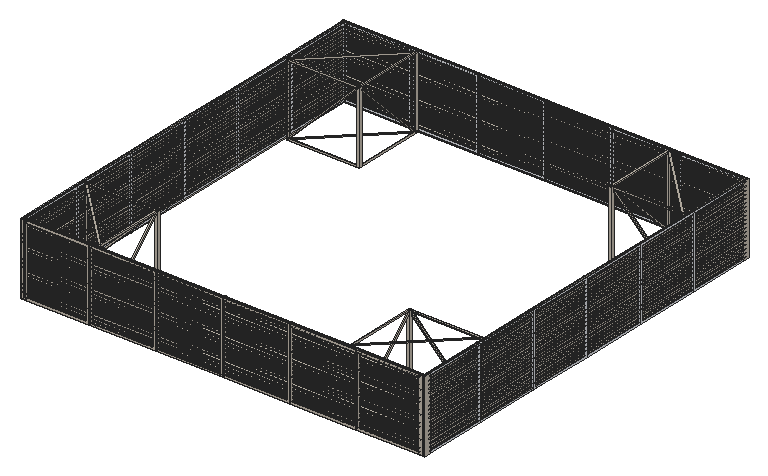
Revit family "Envisor_MechScreen", category Mechanical Equipment, Revit 2020 (continued)
Definition of nested family "Panel"
  Nested families (in)
    nested 83: "LOUVER HORIZONTAL" at (0.625, 0, 34.5) x (-1, 0, 0) z (0, 0, 1), Profile_Height <- "Panel_Length", visible <- "LOUVRE VIZ", type "LOUVER HORIZONTAL"
      with Profile_RibWidth 0' - 0 1/4", Profile_Height 3' - 9", GAUGE 0' - 0 1/32"
    nested 84: "LOUVER HORIZONTAL" at (0.625, 0, 35.25) x (-1, 0, 0) z (0, 0, 1), Profile_Height <- "Panel_Length", visible <- "LOUVRE VIZ", type "LOUVER HORIZONTAL"
      with Profile_RibWidth 0' - 0 1/4", Profile_Height 3' - 9", GAUGE 0' - 0 1/32"
    nested 85: "LOUVER HORIZONTAL" at (0.625, 0, 36) x (-1, 0, 0) z (0, 0, 1), Profile_Height <- "Panel_Length", visible <- "LOUVRE VIZ", type "LOUVER HORIZONTAL"
      with Profile_RibWidth 0' - 0 1/4", Profile_Height 3' - 9", GAUGE 0' - 0 1/32"
    nested 86: "LOUVER HORIZONTAL" at (0.625, 0, 36.75) x (-1, 0, 0) z (0, 0, 1), Profile_Height <- "Panel_Length", visible <- "LOUVRE VIZ", type "LOUVER HORIZONTAL"
      with Profile_RibWidth 0' - 0 1/4", Profile_Height 3' - 9", GAUGE 0' - 0 1/32"
    nested 87: "LOUVER HORIZONTAL" at (0.625, 0, 37.5) x (-1, 0, 0) z (0, 0, 1), Profile_Height <- "Panel_Length", visible <- "LOUVRE VIZ", type "LOUVER HORIZONTAL"
      with Profile_RibWidth 0' - 0 1/4", Profile_Height 3' - 9", GAUGE 0' - 0 1/32"
    nested 88: "LOUVER HORIZONTAL" at (0.625, 0, 38.25) x (-1, 0, 0) z (0, 0, 1), Profile_Height <- "Panel_Length", visible <- "LOUVRE VIZ", type "LOUVER HORIZONTAL"
      with Profile_RibWidth 0' - 0 1/4", Profile_Height 3' - 9", GAUGE 0' - 0 1/32"
    nested 89: "RIB HORIZONTAL ABS" at (0.625, 0, 43.5) x (-1, 0, 0) z (0, 0, 1), visible <- "RIBBED VIZ", Profile_Height <- "Panel_Length", type "RIB HORIZONTAL ABS"
      with Profile_RibWidth 0' - 1 1/2", Profile_Height 3' - 9", GAUGE 0' - 0 1/32"
    nested 90: "RIB HORIZONTAL ABS" at (0.625, 0, 4.83333) x (-1, 0, 0) z (0, 0, 1), visible <- "RIBBED VIZ", Profile_Height <- "Panel_Length", type "RIB HORIZONTAL ABS"
      with Profile_RibWidth 0' - 1 1/2", Profile_Height 3' - 9", GAUGE 0' - 0 1/32"
    nested 91: "RIB HORIZONTAL ABS" at (0.625, 0, 9.66667) x (-1, 0, 0) z (0, 0, 1), visible <- "RIBBED VIZ", Profile_Height <- "Panel_Length", type "RIB HORIZONTAL ABS"
      with Profile_RibWidth 0' - 1 1/2", Profile_Height 3' - 9", GAUGE 0' - 0 1/32"
    nested 92: "RIB HORIZONTAL ABS" at (0.625, 0, 14.5) x (-1, 0, 0) z (0, 0, 1), visible <- "RIBBED VIZ", Profile_Height <- "Panel_Length", type "RIB HORIZONTAL ABS"
      with Profile_RibWidth 0' - 1 1/2", Profile_Height 3' - 9", GAUGE 0' - 0 1/32"
    nested 93: "RIB HORIZONTAL ABS" at (0.625, 0, 19.33333) x (-1, 0, 0) z (0, 0, 1), visible <- "RIBBED VIZ", Profile_Height <- "Panel_Length", type "RIB HORIZONTAL ABS"
      with Profile_RibWidth 0' - 1 1/2", Profile_Height 3' - 9", GAUGE 0' - 0 1/32"
    nested 94: "RIB HORIZONTAL ABS" at (0.625, 0, 24.16667) x (-1, 0, 0) z (0, 0, 1), visible <- "RIBBED VIZ", Profile_Height <- "Panel_Length", type "RIB HORIZONTAL ABS"
      with Profile_RibWidth 0' - 1 1/2", Profile_Height 3' - 9", GAUGE 0' - 0 1/32"
    nested 95: "RIB HORIZONTAL ABS" at (0.625, 0, 29) x (-1, 0, 0) z (0, 0, 1), visible <- "RIBBED VIZ", Profile_Height <- "Panel_Length", type "RIB HORIZONTAL ABS"
      with Profile_RibWidth 0' - 1 1/2", Profile_Height 3' - 9", GAUGE 0' - 0 1/32"
    nested 96: "RIB HORIZONTAL ABS" at (0.625, 0, 33.83333) x (-1, 0, 0) z (0, 0, 1), visible <- "RIBBED VIZ", Profile_Height <- "Panel_Length", type "RIB HORIZONTAL ABS"
      with Profile_RibWidth 0' - 1 1/2", Profile_Height 3' - 9", GAUGE 0' - 0 1/32"
    nested 97: "RIB HORIZONTAL ABS" at (0.625, 0, 38.66667) x (-1, 0, 0) z (0, 0, 1), visible <- "RIBBED VIZ", Profile_Height <- "Panel_Length", type "RIB HORIZONTAL ABS"
      with Profile_RibWidth 0' - 1 1/2", Profile_Height 3' - 9", GAUGE 0' - 0 1/32"
    nested 98: "7.2 RIBBED_HORT" at (0.625, 0, 42.25) x (-1, 0, 0) z (0, 0, 1), Profile_Height <- "Panel_Length", visible <- "7.2 RIBBED VIZ", type "7.2 RIBBED_HORT"
      with Profile_RibWidth 0' - 1 1/2", Profile_Height 3' - 9", GAUGE 0' - 0 1/32"
    nested 99: "7.2 RIBBED_HORT" at (0.625, 0, 5.80556) x (-1, 0, 0) z (0, 0, 1), Profile_Height <- "Panel_Length", visible <- "7.2 RIBBED VIZ", type "7.2 RIBBED_HORT"
      with Profile_RibWidth 0' - 1 1/2", Profile_Height 3' - 9", GAUGE 0' - 0 1/32"
    nested 100: "7.2 RIBBED_HORT" at (0.625, 0, 10.36111) x (-1, 0, 0) z (0, 0, 1), Profile_Height <- "Panel_Length", visible <- "7.2 RIBBED VIZ", type "7.2 RIBBED_HORT"
      with Profile_RibWidth 0' - 1 1/2", Profile_Height 3' - 9", GAUGE 0' - 0 1/32"
    nested 101: "7.2 RIBBED_HORT" at (0.625, 0, 14.91667) x (-1, 0, 0) z (0, 0, 1), Profile_Height <- "Panel_Length", visible <- "7.2 RIBBED VIZ", type "7.2 RIBBED_HORT"
      with Profile_RibWidth 0' - 1 1/2", Profile_Height 3' - 9", GAUGE 0' - 0 1/32"
    nested 102: "7.2 RIBBED_HORT" at (0.625, 0, 19.47222) x (-1, 0, 0) z (0, 0, 1), Profile_Height <- "Panel_Length", visible <- "7.2 RIBBED VIZ", type "7.2 RIBBED_HORT"
      with Profile_RibWidth 0' - 1 1/2", Profile_Height 3' - 9", GAUGE 0' - 0 1/32"
    nested 103: "7.2 RIBBED_HORT" at (0.625, 0, 24.02778) x (-1, 0, 0) z (0, 0, 1), Profile_Height <- "Panel_Length", visible <- "7.2 RIBBED VIZ", type "7.2 RIBBED_HORT"
      with Profile_RibWidth 0' - 1 1/2", Profile_Height 3' - 9", GAUGE 0' - 0 1/32"
    nested 104: "7.2 RIBBED_HORT" at (0.625, 0, 28.58333) x (-1, 0, 0) z (0, 0, 1), Profile_Height <- "Panel_Length", visible <- "7.2 RIBBED VIZ", type "7.2 RIBBED_HORT"
      with Profile_RibWidth 0' - 1 1/2", Profile_Height 3' - 9", GAUGE 0' - 0 1/32"
    nested 105: "7.2 RIBBED_HORT" at (0.625, 0, 33.13889) x (-1, 0, 0) z (0, 0, 1), Profile_Height <- "Panel_Length", visible <- "7.2 RIBBED VIZ", type "7.2 RIBBED_HORT"
      with Profile_RibWidth 0' - 1 1/2", Profile_Height 3' - 9", GAUGE 0' - 0 1/32"
    nested 106: "7.2 RIBBED_HORT" at (0.625, 0, 37.69444) x (-1, 0, 0) z (0, 0, 1), Profile_Height <- "Panel_Length", visible <- "7.2 RIBBED VIZ", type "7.2 RIBBED_HORT"
      with Profile_RibWidth 0' - 1 1/2", Profile_Height 3' - 9", GAUGE 0' - 0 1/32"
    nested 107: "COR HORIZONTAL" at (0.625, 0, 37.70524) x (-1, 0, 0) z (0, 0, 1), Profile_Height <- "Panel_Length", visible <- "7.2 CORRUGATED", type "COR HORIZONTAL"
      with Profile_Height 3' - 9"
    nested 108: "COR HORIZONTAL" at (0.625, 0, 40.21892) x (-1, 0, 0) z (0, 0, 1), Profile_Height <- "Panel_Length", visible <- "7.2 CORRUGATED", type "COR HORIZONTAL"
      with Profile_Height 3' - 9"
    nested 109: "COR HORIZONTAL" at (0.625, 0, 42.73261) x (-1, 0, 0) z (0, 0, 1), Profile_Height <- "Panel_Length", visible <- "7.2 CORRUGATED", type "COR HORIZONTAL"
      with Profile_Height 3' - 9"
    nested 110: "4.0 CORRUGATED" at (0.625, 0, 35.25) x (-1, 0, 0) z (0, 0, 1), visible <- "4.0 CORR HORT", Profile_Height <- "Panel_Length", type "4.0 CORRUGATED"
      with Profile_Height 3' - 9", GAUGE 0' - 0 1/32"
    nested 111: "4.0 CORRUGATED" at (0.625, 0, 37.375) x (-1, 0, 0) z (0, 0, 1), visible <- "4.0 CORR HORT", Profile_Height <- "Panel_Length", type "4.0 CORRUGATED"
      with Profile_Height 3' - 9", GAUGE 0' - 0 1/32"
    nested 112: "4.0 CORRUGATED" at (0.625, 0, 39.5) x (-1, 0, 0) z (0, 0, 1), visible <- "4.0 CORR HORT", Profile_Height <- "Panel_Length", type "4.0 CORRUGATED"
      with Profile_Height 3' - 9", GAUGE 0' - 0 1/32"
    nested 113: "4.0 CORRUGATED" at (0.625, 0, 41.625) x (-1, 0, 0) z (0, 0, 1), visible <- "4.0 CORR HORT", Profile_Height <- "Panel_Length", type "4.0 CORRUGATED"
      with Profile_Height 3' - 9", GAUGE 0' - 0 1/32"
    nested 114: "LOUVER HORIZONTAL" at (0.625, 0, 39) x (-1, 0, 0) z (0, 0, 1), Profile_Height <- "Panel_Length", visible <- "LOUVRE VIZ", type "LOUVER HORIZONTAL"
      with Profile_RibWidth 0' - 0 1/4", Profile_Height 3' - 9", GAUGE 0' - 0 1/32"
    nested 115: "LOUVER HORIZONTAL" at (0.625, 0, 39.75) x (-1, 0, 0) z (0, 0, 1), Profile_Height <- "Panel_Length", visible <- "LOUVRE VIZ", type "LOUVER HORIZONTAL"
      with Profile_RibWidth 0' - 0 1/4", Profile_Height 3' - 9", GAUGE 0' - 0 1/32"
    nested 116: "LOUVER HORIZONTAL" at (0.625, 0, 40.5) x (-1, 0, 0) z (0, 0, 1), Profile_Height <- "Panel_Length", visible <- "LOUVRE VIZ", type "LOUVER HORIZONTAL"
      with Profile_RibWidth 0' - 0 1/4", Profile_Height 3' - 9", GAUGE 0' - 0 1/32"
    nested 117: "LOUVER HORIZONTAL" at (0.625, 0, 41.25) x (-1, 0, 0) z (0, 0, 1), Profile_Height <- "Panel_Length", visible <- "LOUVRE VIZ", type "LOUVER HORIZONTAL"
      with Profile_RibWidth 0' - 0 1/4", Profile_Height 3' - 9", GAUGE 0' - 0 1/32"
    nested 118: "LOUVER HORIZONTAL" at (0.625, 0, 42) x (-1, 0, 0) z (0, 0, 1), Profile_Height <- "Panel_Length", visible <- "LOUVRE VIZ", type "LOUVER HORIZONTAL"
      with Profile_RibWidth 0' - 0 1/4", Profile_Height 3' - 9", GAUGE 0' - 0 1/32"
    nested 119: "LOUVER HORIZONTAL" at (0.625, 0, 42.75) x (-1, 0, 0) z (0, 0, 1), Profile_Height <- "Panel_Length", visible <- "LOUVRE VIZ", type "LOUVER HORIZONTAL"
      with Profile_RibWidth 0' - 0 1/4", Profile_Height 3' - 9", GAUGE 0' - 0 1/32"
    nested 120: "LOUVER HORIZONTAL" at (0.625, 0, 43.5) x (-1, 0, 0) z (0, 0, 1), Profile_Height <- "Panel_Length", visible <- "LOUVRE VIZ", type "LOUVER HORIZONTAL"
      with Profile_RibWidth 0' - 0 1/4", Profile_Height 3' - 9", GAUGE 0' - 0 1/32"
    nested 121: "LOUVER HORIZONTAL" at (0.625, 0, 44.25) x (-1, 0, 0) z (0, 0, 1), Profile_Height <- "Panel_Length", visible <- "LOUVRE VIZ", type "LOUVER HORIZONTAL"
      with Profile_RibWidth 0' - 0 1/4", Profile_Height 3' - 9", GAUGE 0' - 0 1/32"
    nested 122: "LOUVER HORIZONTAL" at (0.625, 0, 45) x (-1, 0, 0) z (0, 0, 1), Profile_Height <- "Panel_Length", visible <- "LOUVRE VIZ", type "LOUVER HORIZONTAL"
      with Profile_RibWidth 0' - 0 1/4", Profile_Height 3' - 9", GAUGE 0' - 0 1/32"
    nested 123: "LOUVER HORIZONTAL" at (0.625, 0, 45.75) x (-1, 0, 0) z (0, 0, 1), Profile_Height <- "Panel_Length", visible <- "LOUVRE VIZ", type "LOUVER HORIZONTAL"
      with Profile_RibWidth 0' - 0 1/4", Profile_Height 3' - 9", GAUGE 0' - 0 1/32"
    nested 124: "LOUVER HORIZONTAL" at (0.625, 0, 46.5) x (-1, 0, 0) z (0, 0, 1), Profile_Height <- "Panel_Length", visible <- "LOUVRE VIZ", type "LOUVER HORIZONTAL"
      with Profile_RibWidth 0' - 0 1/4", Profile_Height 3' - 9", GAUGE 0' - 0 1/32"
    nested 125: "RIBBED_VERTICAL" at (0.125, -22.5, 0) x (-1, 0, 0) z (0, 0, 1), Profile_Height <- "Panel_Height", visible <- "RIBBED VERT VIZ", type "RIB_VERTICAL"
      with Profile_Height 4' - 0"
    nested 126: "RIBBED_VERTICAL" at (0.125, 20.5, 0) x (-1, 0, 0) z (0, 0, 1), Profile_Height <- "Panel_Height", visible <- "RIBBED VERT VIZ", type "RIB_VERTICAL"
      with Profile_Height 4' - 0"
    nested 127: "RIBBED_VERTICAL" at (0.125, -20.45238, 0) x (-1, 0, 0) z (0, 0, 1), Profile_Height <- "Panel_Height", visible <- "RIBBED VERT VIZ", type "RIB_VERTICAL"
      with Profile_Height 4' - 0"
    nested 128: "RIBBED_VERTICAL" at (0.125, -18.40476, 0) x (-1, 0, 0) z (0, 0, 1), Profile_Height <- "Panel_Height", visible <- "RIBBED VERT VIZ", type "RIB_VERTICAL"
      with Profile_Height 4' - 0"
    nested 129: "RIBBED_VERTICAL" at (0.125, -16.35714, 0) x (-1, 0, 0) z (0, 0, 1), Profile_Height <- "Panel_Height", visible <- "RIBBED VERT VIZ", type "RIB_VERTICAL"
      with Profile_Height 4' - 0"
    nested 130: "RIBBED_VERTICAL" at (0.125, -14.30952, 0) x (-1, 0, 0) z (0, 0, 1), Profile_Height <- "Panel_Height", visible <- "RIBBED VERT VIZ", type "RIB_VERTICAL"
      with Profile_Height 4' - 0"
    nested 131: "RIBBED_VERTICAL" at (0.125, -12.2619, 0) x (-1, 0, 0) z (0, 0, 1), Profile_Height <- "Panel_Height", visible <- "RIBBED VERT VIZ", type "RIB_VERTICAL"
      with Profile_Height 4' - 0"
    nested 132: "RIBBED_VERTICAL" at (0.125, -10.21429, 0) x (-1, 0, 0) z (0, 0, 1), Profile_Height <- "Panel_Height", visible <- "RIBBED VERT VIZ", type "RIB_VERTICAL"
      with Profile_Height 4' - 0"
    nested 133: "RIBBED_VERTICAL" at (0.125, -8.16667, 0) x (-1, 0, 0) z (0, 0, 1), Profile_Height <- "Panel_Height", visible <- "RIBBED VERT VIZ", type "RIB_VERTICAL"
      with Profile_Height 4' - 0"
    nested 134: "RIBBED_VERTICAL" at (0.125, -6.11905, 0) x (-1, 0, 0) z (0, 0, 1), Profile_Height <- "Panel_Height", visible <- "RIBBED VERT VIZ", type "RIB_VERTICAL"
      with Profile_Height 4' - 0"
    nested 135: "RIBBED_VERTICAL" at (0.125, -4.07143, 0) x (-1, 0, 0) z (0, 0, 1), Profile_Height <- "Panel_Height", visible <- "RIBBED VERT VIZ", type "RIB_VERTICAL"
      with Profile_Height 4' - 0"
    nested 136: "RIBBED_VERTICAL" at (0.125, -2.02381, 0) x (-1, 0, 0) z (0, 0, 1), Profile_Height <- "Panel_Height", visible <- "RIBBED VERT VIZ", type "RIB_VERTICAL"
      with Profile_Height 4' - 0"
    nested 137: "RIBBED_VERTICAL" at (0.125, 0.02381, 0) x (-1, 0, 0) z (0, 0, 1), Profile_Height <- "Panel_Height", visible <- "RIBBED VERT VIZ", type "RIB_VERTICAL"
      with Profile_Height 4' - 0"
    nested 138: "RIBBED_VERTICAL" at (0.125, 2.07143, 0) x (-1, 0, 0) z (0, 0, 1), Profile_Height <- "Panel_Height", visible <- "RIBBED VERT VIZ", type "RIB_VERTICAL"
      with Profile_Height 4' - 0"
    nested 139: "RIBBED_VERTICAL" at (0.125, 4.11905, 0) x (-1, 0, 0) z (0, 0, 1), Profile_Height <- "Panel_Height", visible <- "RIBBED VERT VIZ", type "RIB_VERTICAL"
      with Profile_Height 4' - 0"
    nested 140: "RIBBED_VERTICAL" at (0.125, 6.16667, 0) x (-1, 0, 0) z (0, 0, 1), Profile_Height <- "Panel_Height", visible <- "RIBBED VERT VIZ", type "RIB_VERTICAL"
      with Profile_Height 4' - 0"
    nested 141: "RIBBED_VERTICAL" at (0.125, 8.21429, 0) x (-1, 0, 0) z (0, 0, 1), Profile_Height <- "Panel_Height", visible <- "RIBBED VERT VIZ", type "RIB_VERTICAL"
      with Profile_Height 4' - 0"
    nested 142: "RIBBED_VERTICAL" at (0.125, 10.2619, 0) x (-1, 0, 0) z (0, 0, 1), Profile_Height <- "Panel_Height", visible <- "RIBBED VERT VIZ", type "RIB_VERTICAL"
      with Profile_Height 4' - 0"
    nested 143: "RIBBED_VERTICAL" at (0.125, 12.30952, 0) x (-1, 0, 0) z (0, 0, 1), Profile_Height <- "Panel_Height", visible <- "RIBBED VERT VIZ", type "RIB_VERTICAL"
      with Profile_Height 4' - 0"
    nested 144: "RIBBED_VERTICAL" at (0.125, 14.35714, 0) x (-1, 0, 0) z (0, 0, 1), Profile_Height <- "Panel_Height", visible <- "RIBBED VERT VIZ", type "RIB_VERTICAL"
      with Profile_Height 4' - 0"
    nested 145: "RIBBED_VERTICAL" at (0.125, 16.40476, 0) x (-1, 0, 0) z (0, 0, 1), Profile_Height <- "Panel_Height", visible <- "RIBBED VERT VIZ", type "RIB_VERTICAL"
      with Profile_Height 4' - 0"
    nested 146: "RIBBED_VERTICAL" at (0.125, 18.45238, 0) x (-1, 0, 0) z (0, 0, 1), Profile_Height <- "Panel_Height", visible <- "RIBBED VERT VIZ", type "RIB_VERTICAL"
      with Profile_Height 4' - 0"
    nested 147: "BATTEN VERTICAL" at (0.125, -22.5, 0) x (-1, 0, 0) z (0, 0, 1), visible <- "BATTEN VIZ", Profile_Height <- "Panel_Height", type "BATTEN VERTICAL"
      with Profile_Height 4' - 0"
    nested 148: "BATTEN VERTICAL" at (0.125, 14.5, 0) x (-1, 0, 0) z (0, 0, 1), visible <- "BATTEN VIZ", Profile_Height <- "Panel_Height", type "BATTEN VERTICAL"
      with Profile_Height 4' - 0"
    nested 149: "BATTEN VERTICAL" at (0.125, -15.1, 0) x (-1, 0, 0) z (0, 0, 1), visible <- "BATTEN VIZ", Profile_Height <- "Panel_Height", type "BATTEN VERTICAL"
      with Profile_Height 4' - 0"
    nested 150: "BATTEN VERTICAL" at (0.125, -7.7, 0) x (-1, 0, 0) z (0, 0, 1), visible <- "BATTEN VIZ", Profile_Height <- "Panel_Height", type "BATTEN VERTICAL"
      with Profile_Height 4' - 0"
    nested 151: "BATTEN VERTICAL" at (0.125, -0.3, 0) x (-1, 0, 0) z (0, 0, 1), visible <- "BATTEN VIZ", Profile_Height <- "Panel_Height", type "BATTEN VERTICAL"
      with Profile_Height 4' - 0"
    nested 152: "BATTEN VERTICAL" at (0.125, 7.1, 0) x (-1, 0, 0) z (0, 0, 1), visible <- "BATTEN VIZ", Profile_Height <- "Panel_Height", type "BATTEN VERTICAL"
      with Profile_Height 4' - 0"
    nested 153: "COR VERTICAL" at (0.625, -17.25, 0) x (-1, 0, 0) z (0, 0, 1), visible <- "7.2 CORR VERT", Profile_Height <- "Panel_Height", type "CORREGATED_VERTICAL"
      with Profile_Height 4' - 0"
    nested 154: "COR VERTICAL" at (0.625, 21.25, 0) x (-1, 0, 0) z (0, 0, 1), visible <- "7.2 CORR VERT", Profile_Height <- "Panel_Height", type "CORREGATED_VERTICAL"
      with Profile_Height 4' - 0"
    nested 155: "COR VERTICAL" at (0.625, -13.4, 0) x (-1, 0, 0) z (0, 0, 1), visible <- "7.2 CORR VERT", Profile_Height <- "Panel_Height", type "CORREGATED_VERTICAL"
      with Profile_Height 4' - 0"
    nested 156: "COR VERTICAL" at (0.625, -9.55, 0) x (-1, 0, 0) z (0, 0, 1), visible <- "7.2 CORR VERT", Profile_Height <- "Panel_Height", type "CORREGATED_VERTICAL"
      with Profile_Height 4' - 0"
    nested 157: "COR VERTICAL" at (0.625, -5.7, 0) x (-1, 0, 0) z (0, 0, 1), visible <- "7.2 CORR VERT", Profile_Height <- "Panel_Height", type "CORREGATED_VERTICAL"
      with Profile_Height 4' - 0"
    nested 158: "COR VERTICAL" at (0.625, -1.85, 0) x (-1, 0, 0) z (0, 0, 1), visible <- "7.2 CORR VERT", Profile_Height <- "Panel_Height", type "CORREGATED_VERTICAL"
      with Profile_Height 4' - 0"
    nested 159: "COR VERTICAL" at (0.625, 2, 0) x (-1, 0, 0) z (0, 0, 1), visible <- "7.2 CORR VERT", Profile_Height <- "Panel_Height", type "CORREGATED_VERTICAL"
      with Profile_Height 4' - 0"
    nested 160: "COR VERTICAL" at (0.625, 5.85, 0) x (-1, 0, 0) z (0, 0, 1), visible <- "7.2 CORR VERT", Profile_Height <- "Panel_Height", type "CORREGATED_VERTICAL"
      with Profile_Height 4' - 0"
    nested 161: "COR VERTICAL" at (0.625, 9.7, 0) x (-1, 0, 0) z (0, 0, 1), visible <- "7.2 CORR VERT", Profile_Height <- "Panel_Height", type "CORREGATED_VERTICAL"
      with Profile_Height 4' - 0"
    nested 162: "COR VERTICAL" at (0.625, 13.55, 0) x (-1, 0, 0) z (0, 0, 1), visible <- "7.2 CORR VERT", Profile_Height <- "Panel_Height", type "CORREGATED_VERTICAL"
      with Profile_Height 4' - 0"
    nested 163: "COR VERTICAL" at (0.625, 17.4, 0) x (-1, 0, 0) z (0, 0, 1), visible <- "7.2 CORR VERT", Profile_Height <- "Panel_Height", type "CORREGATED_VERTICAL"
      with Profile_Height 4' - 0"
    nested 164: "4.0 RIBBED_VERTICAL" at (0.125, -20.99753, 0) x (-1, 0, 0) z (0, 0, 1), Profile_Height <- "Panel_Height", visible <- "4.0 CORR VERT", type "RIB_VERTICAL"
      with Profile_Height 4' - 0"
    nested 165: "4.0 RIBBED_VERTICAL" at (0.125, 22.5, 0) x (-1, 0, 0) z (0, 0, 1), Profile_Height <- "Panel_Height", visible <- "4.0 CORR VERT", type "RIB_VERTICAL"
      with Profile_Height 4' - 0"
    nested 166: "4.0 RIBBED_VERTICAL" at (0.125, -19.49761, 0) x (-1, 0, 0) z (0, 0, 1), Profile_Height <- "Panel_Height", visible <- "4.0 CORR VERT", type "RIB_VERTICAL"
      with Profile_Height 4' - 0"
    nested 167: "4.0 RIBBED_VERTICAL" at (0.125, -17.9977, 0) x (-1, 0, 0) z (0, 0, 1), Profile_Height <- "Panel_Height", visible <- "4.0 CORR VERT", type "RIB_VERTICAL"
      with Profile_Height 4' - 0"
    nested 168: "4.0 RIBBED_VERTICAL" at (0.125, -16.49778, 0) x (-1, 0, 0) z (0, 0, 1), Profile_Height <- "Panel_Height", visible <- "4.0 CORR VERT", type "RIB_VERTICAL"
      with Profile_Height 4' - 0"
    nested 169: "4.0 RIBBED_VERTICAL" at (0.125, -14.99787, 0) x (-1, 0, 0) z (0, 0, 1), Profile_Height <- "Panel_Height", visible <- "4.0 CORR VERT", type "RIB_VERTICAL"
      with Profile_Height 4' - 0"
    nested 170: "4.0 RIBBED_VERTICAL" at (0.125, -13.49795, 0) x (-1, 0, 0) z (0, 0, 1), Profile_Height <- "Panel_Height", visible <- "4.0 CORR VERT", type "RIB_VERTICAL"
      with Profile_Height 4' - 0"
    nested 171: "4.0 RIBBED_VERTICAL" at (0.125, -11.99804, 0) x (-1, 0, 0) z (0, 0, 1), Profile_Height <- "Panel_Height", visible <- "4.0 CORR VERT", type "RIB_VERTICAL"
      with Profile_Height 4' - 0"
    nested 172: "4.0 RIBBED_VERTICAL" at (0.125, -10.49812, 0) x (-1, 0, 0) z (0, 0, 1), Profile_Height <- "Panel_Height", visible <- "4.0 CORR VERT", type "RIB_VERTICAL"
      with Profile_Height 4' - 0"
    nested 173: "4.0 RIBBED_VERTICAL" at (0.125, -8.99821, 0) x (-1, 0, 0) z (0, 0, 1), Profile_Height <- "Panel_Height", visible <- "4.0 CORR VERT", type "RIB_VERTICAL"
      with Profile_Height 4' - 0"
    nested 174: "4.0 RIBBED_VERTICAL" at (0.125, -7.49829, 0) x (-1, 0, 0) z (0, 0, 1), Profile_Height <- "Panel_Height", visible <- "4.0 CORR VERT", type "RIB_VERTICAL"
      with Profile_Height 4' - 0"
    nested 175: "4.0 RIBBED_VERTICAL" at (0.125, -5.99838, 0) x (-1, 0, 0) z (0, 0, 1), Profile_Height <- "Panel_Height", visible <- "4.0 CORR VERT", type "RIB_VERTICAL"
      with Profile_Height 4' - 0"
    nested 176: "4.0 RIBBED_VERTICAL" at (0.125, -4.49846, 0) x (-1, 0, 0) z (0, 0, 1), Profile_Height <- "Panel_Height", visible <- "4.0 CORR VERT", type "RIB_VERTICAL"
      with Profile_Height 4' - 0"
    nested 177: "4.0 RIBBED_VERTICAL" at (0.125, -2.99855, 0) x (-1, 0, 0) z (0, 0, 1), Profile_Height <- "Panel_Height", visible <- "4.0 CORR VERT", type "RIB_VERTICAL"
      with Profile_Height 4' - 0"
    nested 178: "4.0 RIBBED_VERTICAL" at (0.125, -1.49864, 0) x (-1, 0, 0) z (0, 0, 1), Profile_Height <- "Panel_Height", visible <- "4.0 CORR VERT", type "RIB_VERTICAL"
      with Profile_Height 4' - 0"
    nested 179: "4.0 RIBBED_VERTICAL" at (0.125, 0.00128, 0) x (-1, 0, 0) z (0, 0, 1), Profile_Height <- "Panel_Height", visible <- "4.0 CORR VERT", type "RIB_VERTICAL"
      with Profile_Height 4' - 0"
    nested 180: "4.0 RIBBED_VERTICAL" at (0.125, 1.50119, 0) x (-1, 0, 0) z (0, 0, 1), Profile_Height <- "Panel_Height", visible <- "4.0 CORR VERT", type "RIB_VERTICAL"
      with Profile_Height 4' - 0"
    nested 181: "4.0 RIBBED_VERTICAL" at (0.125, 3.00111, 0) x (-1, 0, 0) z (0, 0, 1), Profile_Height <- "Panel_Height", visible <- "4.0 CORR VERT", type "RIB_VERTICAL"
      with Profile_Height 4' - 0"
    nested 182: "4.0 RIBBED_VERTICAL" at (0.125, 4.50102, 0) x (-1, 0, 0) z (0, 0, 1), Profile_Height <- "Panel_Height", visible <- "4.0 CORR VERT", type "RIB_VERTICAL"
      with Profile_Height 4' - 0"
    nested 183: "4.0 RIBBED_VERTICAL" at (0.125, 6.00094, 0) x (-1, 0, 0) z (0, 0, 1), Profile_Height <- "Panel_Height", visible <- "4.0 CORR VERT", type "RIB_VERTICAL"
      with Profile_Height 4' - 0"
    nested 184: "4.0 RIBBED_VERTICAL" at (0.125, 7.50085, 0) x (-1, 0, 0) z (0, 0, 1), Profile_Height <- "Panel_Height", visible <- "4.0 CORR VERT", type "RIB_VERTICAL"
      with Profile_Height 4' - 0"
    nested 185: "4.0 RIBBED_VERTICAL" at (0.125, 9.00077, 0) x (-1, 0, 0) z (0, 0, 1), Profile_Height <- "Panel_Height", visible <- "4.0 CORR VERT", type "RIB_VERTICAL"
      with Profile_Height 4' - 0"
    nested 186: "4.0 RIBBED_VERTICAL" at (0.125, 10.50068, 0) x (-1, 0, 0) z (0, 0, 1), Profile_Height <- "Panel_Height", visible <- "4.0 CORR VERT", type "RIB_VERTICAL"
      with Profile_Height 4' - 0"
    nested 187: "4.0 RIBBED_VERTICAL" at (0.125, 12.0006, 0) x (-1, 0, 0) z (0, 0, 1), Profile_Height <- "Panel_Height", visible <- "4.0 CORR VERT", type "RIB_VERTICAL"
      with Profile_Height 4' - 0"
    nested 188: "4.0 RIBBED_VERTICAL" at (0.125, 13.50051, 0) x (-1, 0, 0) z (0, 0, 1), Profile_Height <- "Panel_Height", visible <- "4.0 CORR VERT", type "RIB_VERTICAL"
      with Profile_Height 4' - 0"
    nested 189: "4.0 RIBBED_VERTICAL" at (0.125, 15.00043, 0) x (-1, 0, 0) z (0, 0, 1), Profile_Height <- "Panel_Height", visible <- "4.0 CORR VERT", type "RIB_VERTICAL"
      with Profile_Height 4' - 0"
    nested 190: "4.0 RIBBED_VERTICAL" at (0.125, 16.50034, 0) x (-1, 0, 0) z (0, 0, 1), Profile_Height <- "Panel_Height", visible <- "4.0 CORR VERT", type "RIB_VERTICAL"
      with Profile_Height 4' - 0"
    nested 191: "4.0 RIBBED_VERTICAL" at (0.125, 18.00026, 0) x (-1, 0, 0) z (0, 0, 1), Profile_Height <- "Panel_Height", visible <- "4.0 CORR VERT", type "RIB_VERTICAL"
      with Profile_Height 4' - 0"
    nested 192: "4.0 RIBBED_VERTICAL" at (0.125, 19.50017, 0) x (-1, 0, 0) z (0, 0, 1), Profile_Height <- "Panel_Height", visible <- "4.0 CORR VERT", type "RIB_VERTICAL"
      with Profile_Height 4' - 0"
    nested 193: "4.0 RIBBED_VERTICAL" at (0.125, 21.00009, 0) x (-1, 0, 0) z (0, 0, 1), Profile_Height <- "Panel_Height", visible <- "4.0 CORR VERT", type "RIB_VERTICAL"
      with Profile_Height 4' - 0"
  Definition of nested family "COR HORIZONTAL"
    Parameters (values of type "COR HORIZONTAL")
      Width = 3' - 7"
      Profile_Width = 0' - 0 1/2"
      Profile_Length = 0' - 2.50371"
      Profile_Height [instance] = 3' - 7"
      MATERIAL = none
      Height = 0' - 2"
      GAUGE = 0' - 0 1/16"
      FinMaterial = none
      Default Elevation = 0' - 0"
    Reference planes (in)
      plane 1 "Center (Front/Back)": y = 0
      plane 2: z = 0
      plane 3 "Center (Left/Right)": x = 0
      plane 4: z = 1
      plane 5: z = 2
      plane 6: z = 0.50371
      plane 7: z = 1.50371
      plane 8: x = 0.5
      plane 9: x = -0.5
      plane 10: x = 0.25
      plane 11: x = -0.25
      plane 12: z = 0.25371
      plane 13: z = 0.75742
      plane 14: z = 1.25371
      plane 15: z = 1.75742
      plane 16: y = 21.5
      plane 17: y = -21.5
      plane 18: z = 2.50371
      plane 19: z = 2.25371
      plane 20: z = 2.75371
    Forms (in)
      Extrusion 1, solid, material <- "MATERIAL"
        sketch origin (-0.4375, 0, -45.25371) x (1, 0, 0) y (0, 0, 1)
          loop
            line (0.9375, 48.00742) -> (0.875, 48.00742) -> (0.875, 47.50742) -> (0.4375, 47.01113) -> (0.4375, 46.25371) -> (0.875, 45.75742) -> (0.875, 45.25371) -> (0.9375, 45.25371) -> (0.9375, 45.75742) -> (0.5, 46.25371) -> (0.5, 47.01113) -> (0.9375, 47.50742) -> (0.9375, 48.00742)
        from -21.5 to 21.5
    Dimensions and locks (in)
      plane 4 to plane 2 = 0' - 1"
      plane 6 to plane 2 = 0' - 0.50371"
      plane 5 to plane 4 to plane 2 = 0' - 1", 0' - 1"
      plane 14 to plane 13 = 0' - 0.49629"
      equal spacing: plane 16, plane 1 "Center (Front/Back)", plane 17
      plane 20 to plane 2 = 0' - 2.75371"
      "Profile_Width": plane 8 to plane 3 "Center (Left/Right)"
      "GAUGE": Extrusion 1 sketch curve to Extrusion 1 sketch curve  (x3)
      Extrusion 1 sketch curve to Extrusion 1 sketch curve = 0' - 0 3/64"
      "Profile_Height": plane 16 to plane 17
      aligned and locked: plane 2 to level
      aligned and locked: plane 17 to Extrusion 1
      aligned and locked: Extrusion 1 to plane 16
      aligned and locked: Extrusion 1 sketch curve to plane 8  (x2)
      aligned and locked: plane 19 to Extrusion 1 sketch curve  (x2)
      aligned and locked: plane 15 to Extrusion 1 sketch curve  (x2)
      aligned and locked: plane 4 to Extrusion 1 sketch curve  (x2)
      aligned and locked: plane 6 to Extrusion 1 sketch curve  (x2)
      aligned and locked: plane 2 to Extrusion 1 sketch curve
      aligned and locked: Extrusion 1 sketch curve to plane 20
  Definition of nested family "7.2 RIBBED_HORT"
    Parameters (values of type "7.2 RIBBED_HORT")
      Width = 4' - 10"
      Profile_Width = 0' - 0 1/2"
      Profile_RibWidth [instance] = 0' - 0 1/4"
      Profile_Length = 0' - 1.50371"
      Profile_Height [instance] = 4' - 10"
      MATERIAL = none
      Height = 3' - 10"
      GAUGE [instance] = 0' - 0 1/32"
      FinMaterial = none
      Default Elevation = 0' - 0"
    Reference planes (in)
      plane 1 "Center (Front/Back)": y = 0
      plane 2: z = 0
      plane 3 "Center (Left/Right)": x = 0
      plane 4: z = 0.5
      plane 5: z = 0.25
      plane 6: z = 0.75
      plane 7: x = 0.5
      plane 8: x = 0.25
      plane 9: x = -0.25
      plane 10: z = 0.75
      plane 11: z = 1.25371
      plane 12: z = 1.75742
      plane 13: y = 29
      plane 14: y = -29
      plane 15: z = 2.00371
    Forms (in)
      Extrusion 1, solid, material <- "MATERIAL"
        sketch origin (-0.4375, 0, -44.75) x (1, 0, 0) y (0, 0, 1)
          loop
            line (0.9375, 45.5) -> (0.90625, 45.5) -> (0.90625, 45.25) -> (0.4375, 45.25) -> (0.4375, 45) -> (0.90625, 45) -> (0.90625, 44.75) -> (0.9375, 44.75) -> (0.9375, 45.03125) -> (0.46875, 45.03125) -> (0.46875, 45.21875) -> (0.9375, 45.21875) -> (0.9375, 45.5)
        from -29 to 29
    Dimensions and locks (in)
      plane 4 to plane 2 = 0' - 0 1/2"
      plane 5 to plane 2 = 0' - 0 1/4"
      equal spacing: plane 13, plane 1 "Center (Front/Back)", plane 14
      "Profile_Height": plane 13 to plane 14
      "Profile_Width": plane 7 to plane 3 "Center (Left/Right)"
      "Profile_RibWidth": plane 4 to plane 5
      equal spacing: plane 6, plane 4, plane 5, plane 2
      equal spacing: plane 7, plane 8, plane 3 "Center (Left/Right)"
      "GAUGE": Extrusion 1 sketch curve to Extrusion 1 sketch curve  (x5)
      aligned and locked: plane 2 to level
      aligned and locked: plane 14 to Extrusion 1
      aligned and locked: Extrusion 1 to plane 13
      aligned and locked: Extrusion 1 sketch curve to plane 3 "Center (Left/Right)"
      aligned and locked: Extrusion 1 sketch curve to plane 7  (x2)
      aligned and locked: Extrusion 1 sketch curve to plane 5
      aligned and locked: plane 4 to Extrusion 1 sketch curve
      aligned and locked: Extrusion 1 sketch curve to plane 6
    Automatic sketch dimensions
      Extrusion 1 sketch curve to level = 0' - 0"
  Definition of nested family "RIB HORIZONTAL ABS"
    Parameters (values of type "RIB HORIZONTAL ABS")
      Width = 4' - 10"
      Profile_Width = 0' - 0 1/2"
      Profile_RibWidth [instance] = 0' - 1 1/2"
      Profile_Length = 0' - 1.50371"
      Profile_Height [instance] = 4' - 10"
      MATERIAL = none
      Height = 3' - 10"
      GAUGE [instance] = 0' - 0 1/32"
      FinMaterial = none
      Default Elevation = 0' - 0"
    Reference planes (in)
      plane 1 "Center (Front/Back)": y = 0
      plane 2: z = 0
      plane 3 "Center (Left/Right)": x = 0
      plane 4: z = 3
      plane 5: z = 1.5
      plane 6: z = 4.5
      plane 7: x = 0.5
      plane 8: x = 0.25
      plane 9: x = -0.25
      plane 10: z = 1.25371
      plane 11: z = 1.75742
      plane 12: y = 29
      plane 13: y = -29
      plane 14: z = 2.00371
    Forms (in)
      Extrusion 1, solid, material <- "MATERIAL"
        sketch origin (-0.4375, 0, -44.75) x (1, 0, 0) y (0, 0, 1)
          loop
            line (0.9375, 49.25) -> (0.90625, 49.25) -> (0.90625, 47.75) -> (0.4375, 47.75) -> (0.4375, 46.25) -> (0.90625, 46.25) -> (0.90625, 44.75) -> (0.9375, 44.75) -> (0.9375, 46.28125) -> (0.46875, 46.28125) -> (0.46875, 47.71875) -> (0.9375, 47.71875) -> (0.9375, 49.25)
        from -29 to 29
    Dimensions and locks (in)
      plane 4 to plane 2 = 0' - 3"
      plane 5 to plane 2 = 0' - 1 1/2"
      equal spacing: plane 12, plane 1 "Center (Front/Back)", plane 13
      "Profile_Height": plane 12 to plane 13
      "Profile_Width": plane 7 to plane 3 "Center (Left/Right)"
      "Profile_RibWidth": plane 4 to plane 5
      equal spacing: plane 7, plane 8, plane 3 "Center (Left/Right)"
      "GAUGE": Extrusion 1 sketch curve to Extrusion 1 sketch curve  (x5)
      "Profile_RibWidth": plane 6 to plane 4
      "Profile_RibWidth": plane 5 to plane 2
      aligned and locked: plane 2 to level
      aligned and locked: plane 13 to Extrusion 1
      aligned and locked: Extrusion 1 to plane 12
      aligned and locked: Extrusion 1 sketch curve to plane 3 "Center (Left/Right)"
      aligned and locked: Extrusion 1 sketch curve to plane 7  (x2)
      aligned and locked: Extrusion 1 sketch curve to plane 5
      aligned and locked: plane 4 to Extrusion 1 sketch curve
      aligned and locked: Extrusion 1 sketch curve to plane 6
    Automatic sketch dimensions
      Extrusion 1 sketch curve to level = 0' - 0"
  Definition of nested family "4.0 CORRUGATED"
    Parameters (values of type "4.0 CORRUGATED")
      Width = 4' - 10"
      Profile_Width = 0' - 0 1/2"
      Profile_RibWidth = 0' - 1"
      Profile_Length = 0' - 1.50371"
      Profile_Height [instance] = 4' - 10"
      MATERIAL = none
      Height = 3' - 10"
      GAUGE [instance] = 0' - 0 1/32"
      FinMaterial = none
      Default Elevation = 0' - 0"
    Reference planes (in)
      plane 1 "Center (Front/Back)": y = 0
      plane 2: z = 0
      plane 3 "Center (Left/Right)": x = 0
      plane 4: z = 2
      plane 5: z = 1
      plane 6: z = 3
      plane 7: x = 0.5
      plane 8: x = 0.25
      plane 9: x = -0.25
      plane 10: z = 0.75
      plane 11: z = 1.25371
      plane 12: z = 1.75742
      plane 13: y = 29
      plane 14: y = -29
      plane 15: z = 2.00371
    Forms (in)
      Extrusion 1, solid, material <- "MATERIAL"
        sketch origin (-0.4375, 0, -44.75) x (1, 0, 0) y (0, 0, 1)
          loop
            line (0.9375, 47.75) -> (0.90625, 47.75) -> (0.90625, 46.75) -> (0.4375, 46.75) -> (0.4375, 45.75) -> (0.90625, 45.75) -> (0.90625, 44.75) -> (0.9375, 44.75) -> (0.9375, 45.78125) -> (0.46875, 45.78125) -> (0.46875, 46.71875) -> (0.9375, 46.71875) -> (0.9375, 47.75)
        from -29 to 29
    Dimensions and locks (in)
      plane 4 to plane 2 = 0' - 2"
      plane 5 to plane 2 = 0' - 1"
      equal spacing: plane 13, plane 1 "Center (Front/Back)", plane 14
      "Profile_Height": plane 13 to plane 14
      "Profile_Width": plane 7 to plane 3 "Center (Left/Right)"
      "Profile_RibWidth": plane 4 to plane 5
      equal spacing: plane 6, plane 4, plane 5, plane 2
      equal spacing: plane 7, plane 8, plane 3 "Center (Left/Right)"
      "GAUGE": Extrusion 1 sketch curve to Extrusion 1 sketch curve  (x5)
      aligned and locked: plane 2 to level
      aligned and locked: plane 14 to Extrusion 1
      aligned and locked: Extrusion 1 to plane 13
      aligned and locked: Extrusion 1 sketch curve to plane 3 "Center (Left/Right)"
      aligned and locked: Extrusion 1 sketch curve to plane 7  (x2)
      aligned and locked: Extrusion 1 sketch curve to plane 5
      aligned and locked: plane 4 to Extrusion 1 sketch curve
      aligned and locked: Extrusion 1 sketch curve to plane 6
    Automatic sketch dimensions
      Extrusion 1 sketch curve to level = 0' - 0"
  Definition of nested family "LOUVER HORIZONTAL"
    Parameters (values of type "LOUVER HORIZONTAL")
      Width = 4' - 10"
      Profile_Width = 0' - 0 1/2"
      Profile_RibWidth [instance] = 0' - 0 1/4"
      Profile_Length [instance] = 0' - 0 3/4"
      Profile_Height [instance] = 4' - 10"
      MATERIAL = none
      Height = 3' - 10"
      GAUGE [instance] = 0' - 0 1/32"
      FinMaterial = none
      Default Elevation = 0' - 0"
    Reference planes (in)
      plane 1 "Center (Front/Back)": y = 0
      plane 2: z = 0
      plane 3 "Center (Left/Right)": x = 0
      plane 4: z = 0.5
      plane 5: z = 0.25
      plane 6: z = 0.75
      plane 7: x = 0.5
      plane 8: x = 0.25
      plane 9: x = -0.25
      plane 10: z = 1.25371
      plane 11: z = 1.75742
      plane 12: y = 29
      plane 13: y = -29
      plane 14: z = 2.00371
    Forms (in)
      Extrusion 1, solid, material <- "MATERIAL"
        sketch origin (-0.4375, 0, -44.75) x (1, 0, 0) y (0, 0, 1)
          loop
            line (0.9375, 45.5) -> (0.90625, 45.5) -> (0.90625, 45.25) -> (0.4375, 45.25) -> (0.4375, 45) -> (0.90625, 45) -> (0.90625, 44.75) -> (0.9375, 44.75) -> (0.9375, 45.03125) -> (0.46875, 45.03125) -> (0.46875, 45.21875) -> (0.9375, 45.21875) -> (0.9375, 45.5)
        from -29 to 29
    Dimensions and locks (in)
      plane 4 to plane 2 = 0' - 0 1/2"
      plane 5 to plane 2 = 0' - 0 1/4"
      equal spacing: plane 12, plane 1 "Center (Front/Back)", plane 13
      "Profile_Height": plane 12 to plane 13
      "Profile_Width": plane 7 to plane 3 "Center (Left/Right)"
      "Profile_RibWidth": plane 4 to plane 5
      equal spacing: plane 6, plane 4, plane 5, plane 2
      equal spacing: plane 7, plane 8, plane 3 "Center (Left/Right)"
      "GAUGE": Extrusion 1 sketch curve to Extrusion 1 sketch curve  (x5)
      "Profile_Length": plane 6 to plane 2
      aligned and locked: plane 2 to level
      aligned and locked: plane 13 to Extrusion 1
      aligned and locked: Extrusion 1 to plane 12
      aligned and locked: Extrusion 1 sketch curve to plane 3 "Center (Left/Right)"
      aligned and locked: Extrusion 1 sketch curve to plane 7  (x2)
      aligned and locked: Extrusion 1 sketch curve to plane 5
      aligned and locked: plane 4 to Extrusion 1 sketch curve
      aligned and locked: Extrusion 1 sketch curve to plane 6
      aligned and locked: plane 6 to Extrusion 1
    Automatic sketch dimensions
      Extrusion 1 sketch curve to level = 0' - 0"
  Definition of nested family "RIBBED_VERTICAL"
    Parameters (values of type "RIB_VERTICAL")
      Width = 4' - 10"
      Profile_Width = 0' - 0 5/16"
      Profile_Length = 0' - 2"
      Profile_Height [instance] = 3' - 10"
      MATERIAL = none
      Height = 3' - 10"
      Gauge = 0' - 0 1/16"
      GAUGE = 0' - 0 1/16"
      FinMaterial = none
      Default Elevation = 0' - 0"
    Reference planes (in)
      plane 1 "Center (Front/Back)": y = 0
      plane 2: z = 0
      plane 3 "Center (Left/Right)": x = 0
      plane 4: z = 1
      plane 5: z = 2
      plane 6: z = 0.50371
      plane 7: z = 1.50371
      plane 8: z = 0.25371
      plane 9: z = 0.75742
      plane 10: z = 1.25371
      plane 11: z = 1.75742
      plane 12: z = 3
      plane 13: z = 46
      plane 14: z = 2.50371
      plane 15: z = 3.50371
      plane 16: z = 2.25371
      plane 17: z = 2.75742
      plane 18: z = 3.25371
      plane 19: z = 3.75742
      plane 20: y = 1.56621
      plane 21: y = 0.44121
      plane 22: y = -0.5
      plane 23: y = -1
      plane 24: y = -1.5
      plane 25: y = -2
      plane 26: x = -0.3125
    Forms (in)
      Extrusion 1, solid, material <- "MATERIAL"
        sketch origin (-0.4375, -45.75, 2) x (1, 0, 0) y (0, 1, 0)
          loop
            line (0.4375, 45.75) -> (0.375, 45.75) -> (0.375, 45.3125) -> (0.125, 45.3125) -> (0.125, 44.1875) -> (0.375, 44.1875) -> (0.375, 43.75) -> (0.4375, 43.75) -> (0.4375, 44.25) -> (0.1875, 44.25) -> (0.1875, 45.25) -> (0.4375, 45.25) -> (0.4375, 45.75)
        from -2 to 44
    Dimensions and locks (in)
      plane 4 to plane 2 = 0' - 1"
      plane 6 to plane 2 = 0' - 0.50371"
      plane 5 to plane 4 to plane 2 = 0' - 1", 0' - 1"
      plane 10 to plane 9 = 0' - 0.49629"
      "Profile_Height": plane 13 to plane 2
      plane 22 to plane 1 "Center (Front/Back)" = 0' - 0 1/2"
      "Profile_Length": plane 25 to plane 1 "Center (Front/Back)"
      "GAUGE": Extrusion 1 sketch curve to Extrusion 1 sketch curve  (x5)
      "Profile_Width": plane 26 to plane 3 "Center (Left/Right)"
      aligned and locked: plane 2 to level
      aligned and locked: plane 13 to Extrusion 1
      aligned and locked: Extrusion 1 to plane 2
      aligned and locked: plane 22 to Extrusion 1 sketch curve
      aligned and locked: Extrusion 1 sketch curve to plane 24
      aligned and locked: plane 1 "Center (Front/Back)" to Extrusion 1 sketch curve
      aligned and locked: plane 25 to Extrusion 1 sketch curve
      aligned and locked: plane 26 to Extrusion 1 sketch curve
    Automatic sketch dimensions
      Extrusion 1 sketch curve to plane 3 "Center (Left/Right)" = 0' - 0"  (x2)
  Definition of nested family "BATTEN VERTICAL"
    Parameters (values of type "BATTEN VERTICAL")
      Width = 4' - 10"
      RIB WIDTH = 0' - 0 1/2"
      Profile_Height [instance] = 3' - 10"
      MATERIAL = none
      Length = 0' - 8"
      Height = 3' - 10"
      Gauge = 0' - 0 1/16"
      GAUGE = 0' - 0 1/16"
      FinMaterial = none
      Default Elevation = 0' - 0"
    Reference planes (in)
      plane 1 "Center (Front/Back)": y = 0
      plane 2: z = 0
      plane 3 "Center (Left/Right)": x = 0
      plane 4: z = 1
      plane 5: z = 2
      plane 6: z = 0.50371
      plane 7: z = 1.50371
      plane 8: z = 0.25371
      plane 9: z = 0.75742
      plane 10: z = 1.25371
      plane 11: z = 1.75742
      plane 12: z = 3
      plane 13: z = 46
      plane 14: z = 2.50371
      plane 15: z = 3.50371
      plane 16: z = 2.25371
      plane 17: z = 2.75742
      plane 18: z = 3.25371
      plane 19: z = 3.75742
      plane 20: y = -0.5
      plane 21: y = -2.5
      plane 22: y = -8
      plane 23: y = -1.5
      plane 24: y = -1
      plane 25: y = -2
      plane 26: y = -1.25
      plane 27: y = -1.75
      plane 28: x = -0.3125
    Forms (in)
      Extrusion 1, solid, material <- "MATERIAL"
        sketch origin (-0.4375, -45.75, 2) x (1, 0, 0) y (0, 1, 0)
          loop
            line (0.4375, 45.6875) -> (0.4375, 45.75) -> (0.125, 45.75) -> (0.125, 45.25) -> (0.375, 45.25) -> (0.375, 37.75) -> (0.4375, 37.75) -> (0.4375, 45.3125) -> (0.1875, 45.3125) -> (0.1875, 45.6875) -> (0.4375, 45.6875)
        from -2 to 44
    Dimensions and locks (in)
      plane 4 to plane 2 = 0' - 1"
      plane 6 to plane 2 = 0' - 0.50371"
      plane 5 to plane 4 to plane 2 = 0' - 1", 0' - 1"
      plane 10 to plane 9 = 0' - 0.49629"
      plane 22 to plane 21 to plane 20 to plane 1 "Center (Front/Back)" = 0' - 5 1/2", 0' - 2", 0' - 0 1/2"
      "Length": plane 22 to plane 1 "Center (Front/Back)"
      plane 20 to plane 24 = 0' - 0 1/2"
      "RIB WIDTH": plane 20 to plane 1 "Center (Front/Back)"
      "GAUGE": Extrusion 1 sketch curve to Extrusion 1 sketch curve  (x4)
      "Profile_Height": plane 13 to plane 2
      aligned and locked: plane 2 to level
      aligned and locked: plane 13 to Extrusion 1
      aligned and locked: Extrusion 1 to plane 2
      aligned and locked: Extrusion 1 sketch curve to plane 20
      aligned and locked: Extrusion 1 sketch curve to plane 1 "Center (Front/Back)"
      aligned and locked: Extrusion 1 sketch curve to plane 3 "Center (Left/Right)"
      aligned and locked: plane 22 to Extrusion 1 sketch curve
      aligned and locked: Extrusion 1 sketch curve to plane 28
    Automatic sketch dimensions
      Extrusion 1 sketch curve to plane 3 "Center (Left/Right)" = 0' - 0"
  Definition of nested family "COR VERTICAL"
    Parameters (values of type "CORREGATED_VERTICAL")
      Width = 4' - 10"
      Profile_Width = 0' - 4"
      Profile_Length = 0' - 0 1/2"
      Profile_Height [instance] = 3' - 10"
      MATERIAL = none
      Height = 3' - 10"
      Gauge = 0' - 0 1/16"
      GAUGE = 0' - 0 1/16"
      Default Elevation = 0' - 0"
    Reference planes (in)
      plane 1 "Center (Front/Back)": y = 0
      plane 2: z = 0
      plane 3 "Center (Left/Right)": x = 0
      plane 4: z = 1
      plane 5: z = 2
      plane 6: z = 0.50371
      plane 7: z = 1.50371
      plane 8: z = 0.25371
      plane 9: z = 0.75742
      plane 10: z = 1.25371
      plane 11: z = 1.75742
      plane 12: z = 3
      plane 13: z = 46
      plane 14: z = 2.50371
      plane 15: z = 3.50371
      plane 16: z = 2.25371
      plane 17: z = 2.75742
      plane 18: z = 3.25371
      plane 19: z = 3.75742
      plane 20: y = 3.5
      plane 21: y = 4
      plane 22: y = 3
      plane 23: y = 2.5
      plane 24: y = 2
      plane 25: y = 1.5
      plane 26: y = 1
      plane 27: y = 0.5
      plane 28: x = 0.5
    Forms (in)
      Extrusion 1, solid, material <- "MATERIAL"
        sketch origin (-2.60641, -45.75, 2) x (1, 0, 0) y (0, 1, 0)
          loop
            line (3.04391, 49.75) -> (3.04391, 49.25) -> (2.60641, 48.25) -> (2.60641, 47.25) -> (3.04391, 46.25) -> (3.04391, 45.75) -> (3.10641, 45.75) -> (3.10641, 46.25) -> (2.66891, 47.25) -> (2.66891, 48.25) -> (3.10641, 49.25) -> (3.10641, 49.75) -> (3.04391, 49.75)
        from -2 to 44
    Dimensions and locks (in)
      plane 4 to plane 2 = 0' - 1"
      plane 6 to plane 2 = 0' - 0.50371"
      plane 5 to plane 4 to plane 2 = 0' - 1", 0' - 1"
      plane 10 to plane 9 = 0' - 0.49629"
      "Profile_Height": plane 13 to plane 2
      plane 21 to plane 20 = 0' - 0 1/2"
      "Profile_Width": plane 21 to plane 1 "Center (Front/Back)"
      "Profile_Length": plane 3 "Center (Left/Right)" to plane 28
      "GAUGE": Extrusion 1 sketch curve to Extrusion 1 sketch curve  (x3)
      Extrusion 1 sketch curve to Extrusion 1 sketch curve = 0' - 0.05726"  (x2)
      aligned and locked: plane 2 to level
      aligned and locked: plane 13 to Extrusion 1
      aligned and locked: Extrusion 1 to plane 2
      aligned and locked: plane 21 to Extrusion 1
      aligned and locked: plane 1 "Center (Front/Back)" to Extrusion 1
      aligned and locked: plane 23 to Extrusion 1 sketch curve  (x2)
      aligned and locked: plane 20 to Extrusion 1 sketch curve  (x2)
      aligned and locked: plane 27 to Extrusion 1 sketch curve  (x2)
      aligned and locked: plane 25 to Extrusion 1 sketch curve  (x2)
    Automatic sketch dimensions
      Extrusion 1 sketch curve to plane 3 "Center (Left/Right)" = 0' - 0"
      plane 1 "Center (Front/Back)" to Extrusion 1 sketch curve = 0' - 0"
      Extrusion 1 sketch curve to plane 21 = 0' - 0"
  Definition of nested family "4.0 RIBBED_VERTICAL"
    Parameters (values of type "RIB_VERTICAL")
      Width = 4' - 10"
      Profile_Height [instance] = 3' - 10"
      MATERIAL = none
      Height = 3' - 10"
      Gauge = 0' - 0 1/16"
      FinMaterial = none
      Default Elevation = 0' - 0"
    Reference planes (in)
      plane 1 "Center (Front/Back)": y = 0
      plane 2: z = 0
      plane 3 "Center (Left/Right)": x = 0
      plane 4: z = 1
      plane 5: z = 2
      plane 6: z = 0.50371
      plane 7: z = 1.50371
      plane 8: z = 0.25371
      plane 9: z = 0.75742
      plane 10: z = 1.25371
      plane 11: z = 1.75742
      plane 12: z = 3
      plane 13: z = 46
      plane 14: z = 2.50371
      plane 15: z = 3.50371
      plane 16: z = 2.25371
      plane 17: z = 2.75742
      plane 18: z = 3.25371
      plane 19: z = 3.75742
      plane 20: y = 1.50371
      plane 21: y = 0.50124
      plane 22: y = 1.00247
      plane 23: y = -1.50371
      plane 24: y = -0.50124
      plane 25: y = -1.00247
      plane 26: y = 2.00371
    Forms (in)
      Extrusion 1, solid, material <- "MATERIAL"
        sketch origin (-0.4375, -46.25124, 2) x (1, 0, 0) y (0, 1, 0)
          loop
            line (0.4375, 47.75371) -> (0.375, 47.75371) -> (0.375, 47.31621) -> (0.125, 47.31621) -> (0.125, 46.75247) -> (0.375, 46.75247) -> (0.375, 46.25124) -> (0.4375, 46.25124) -> (0.4375, 46.81497) -> (0.1875, 46.81497) -> (0.1875, 47.25371) -> (0.4375, 47.25371) -> (0.4375, 47.75371)
        from -2 to 44
    Dimensions and locks (in)
      plane 4 to plane 2 = 0' - 1"
      plane 6 to plane 2 = 0' - 0.50371"
      plane 5 to plane 4 to plane 2 = 0' - 1", 0' - 1"
      plane 10 to plane 9 = 0' - 0.49629"
      "Profile_Height": plane 13 to plane 2
      plane 20 to plane 22 to plane 21 to plane 1 "Center (Front/Back)" = 0' - 0.50124", 0' - 0.50124", 0' - 0.50124"
      plane 23 to plane 25 to plane 24 = 0' - 0.50124", 0' - 0.50124"
      aligned and locked: plane 2 to level
      aligned and locked: plane 13 to Extrusion 1
      aligned and locked: Extrusion 1 to plane 2
    Automatic sketch dimensions
      Extrusion 1 sketch curve to plane 22 = 0' - 0.50124"
      Extrusion 1 sketch curve to plane 20 = 0' - 0.50124"
      Extrusion 1 sketch curve to plane 26 = 0' - 0.50124"
      Extrusion 1 sketch curve to plane 3 "Center (Left/Right)" = 0' - 0"  (x2)
      Extrusion 1 sketch curve to plane 3 "Center (Left/Right)" = 0' - 0 1/16"  (x2)
      Extrusion 1 sketch curve to Extrusion 1 sketch curve = 0' - 0 3/16"
      Extrusion 1 sketch curve to Extrusion 1 sketch curve = 0' - 0 1/16"
      Extrusion 1 sketch curve to plane 22 = 0' - 0.43874"
      Extrusion 1 sketch curve to plane 20 = 0' - 0.43874"
      Extrusion 1 sketch curve to plane 21 = 0' - 0.50124"
Types (16): name | TopRailViz | TopFlashingViz | System_Width | SpacingWidth | SOLID PANEL VIZ | RIBBED VIZ | RIBBED VERT VIZ | MATERIAL | LOUVRE VIZ | FRAME WIDTH | FRAME VIZ | FRAME MATERIAL | BottomRailViz | BATTEN VIZ | ABS_PANEL | 7.2 CORRUGATED | 7.2 CORR VERT | 4.0 CORR VERT | 4.0 CORR HORT
  (no name) | no | no | 22' - 6" | 6 | no | no | no | OYSTER Perforated | no | 0' - 1 1/4" | yes | OYSTER | no | no | no | yes | no | no | no
  4.0 CORRUGATED HORIZONTAL SOLID | yes | yes | 22' - 6" | 6 | no | no | no | SHADOW GREY | no | 0' - 1 1/2" | yes | SHADOW GREY | yes | no | no | no | no | no | yes
  7.2 RIB VERTICAL SOLID | yes | yes | 26' - 3" | 7 | no | no | no | SHADOW GREY | no | 0' - 1 1/2" | yes | SHADOW GREY | yes | no | no | no | yes | no | no
  4.0 CORRUGATED VERTICAL SOLID | no | no | 26' - 3" | 7 | no | no | no | DARK BRONZE | no | 0' - 1 19/128" | yes | DARK BRONZE | no | no | no | no | no | yes | no
  BATTEN VERT | no | no | 22' - 6" | 6 | no | no | no | ELECTRIC BLACK | no | 0' - 1 19/128" | no | ELECTRIC BLACK | no | yes | yes | no | no | no | no
  ABS RIBBED VERT | no | no | 22' - 6" | 6 | no | no | yes | FOREST GREEN | no | 0' - 1 19/128" | no | FOREST GREEN | no | no | yes | no | no | no | no
  LOUVRE HORIZONTAL | no | no | 22' - 6" | 6 | no | no | no | SLATE GREY | yes | 0' - 1 1/2" | yes | SLATE GREY | no | no | no | no | no | no | no
  ABS RIBBED HORIZONTAL | no | no | 22' - 6" | 6 | no | yes | no | CITY BROWN TEXTURED | no | 0' - 1 1/2" | yes | CITY BROWN TEXTURED | no | no | no | no | no | no | no
  7.2 RIBBED HORIZONTAL | yes | yes | 22' - 6" | 6 | no | no | no | MANSFORD BROWN | no | 0' - 1 1/2" | no | MANSFORD BROWN | yes | no | yes | yes | no | no | no
  PAN SOLID | yes | yes | 26' - 3" | 7 | yes | no | no | SLATE BLUE | no | 0' - 1" | yes | SLATE BLUE | yes | no | no | no | no | no | no
  FLAT PAN | no | no | 26' - 3" | 7 | yes | no | no | PUTTY | no | 0' - 1 19/128" | no | PUTTY | no | no | yes | no | no | no | no
  CUSTOM | no | no | 26' - 3" | 7 | yes | no | no | DARK BRONZE | no | 0' - 1 19/128" | no | DARK BRONZE | no | no | yes | no | no | no | no
  BRICK | no | no | 26' - 3" | 7 | yes | no | no | TERRACOTA BRICK | no | 0' - 1 1/2" | no | TERRACOTTA | no | no | yes | no | no | no | no
  7.2 RIB VERTICAL PERFORATED | yes | yes | 26' - 3" | 7 | no | no | no | OYSTER Perforated | no | 0' - 1 19/128" | yes | OYSTER | yes | no | no | no | yes | no | no
  PAN PERFORATED | no | no | 26' - 3" | 7 | yes | no | no | OYSTER Perforated | no | 0' - 1 19/128" | yes | OYSTER | no | no | no | no | no | no | no
  7.2 RIBBED HORIZONTAL PERFORATED | no | no | 22' - 6" | 6 | no | no | no | OYSTER Perforated | no | 0' - 1 1/4" | yes | OYSTER | no | no | no | yes | no | no | no
